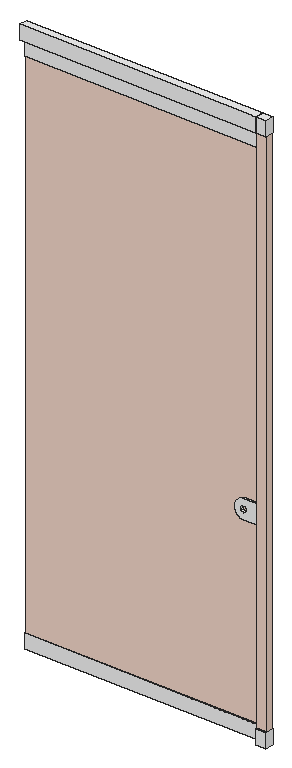
Revit family "PFX_A3-Toilet-Cubicle-Ed-Adjacent-Wall", category Generic Models, Revit 2016
Family settings
  Part Type = Undefined
  Can host rebar = No
  Round Connector Dimension = Use Diameter
  Work Plane-Based = No
  Always vertical = Yes
  Cut with Voids When Loaded = No
  Shared = No
  Room Calculation Point = No
Parameters (values of type "ED Adjacent Wall")
  Vis - Placement Lines = yes
  Vis - Door RHS = no
  Vis - Door LHS = yes
  Vis - Cubicle Legs = yes
  Top Frame Depth = 45 mm
  Plumbing Duct Depth = 300 mm
  Material Cubicle Panels = Toilet Cubicle Panelling
  Material Cubicle Frame = Toilet Cubicle Frame
  Material Cubicle Feet = Toilet Cubicle Feet
  Keynote = "K32"
  Handle Mounting Height = 800 mm
  End Panel Width [instance] = 32.5 mm
  Door Width = Cubicle Width - 65 mm  # 755 mm
  Door Head Clearance = 10 mm
  Cubicle Width = Cubicle Clear Width + Cubicle Panel Thickness  # 820 mm
  Cubicle Panel Thickness = 20 mm
  Cubicle Height = 1800 mm
  Cubicle Depth = 1500 mm
  Cubicle Clear Width = 800 mm
  Bttm Frame Depth = 45 mm
  Base Offset = 150 mm
Reference planes
  plane 1 "Center (Front/Back)": y = 0
  plane 2: z = 0
  plane 3 "Center (Left/Right)": x = -12.069
  plane 4: x = -422.069
  plane 5: x = 397.931
  plane 6: y = -1800
  plane 7: y = -300
  plane 8: z = 150
  plane 9: z = 1950
  plane 10: x = -389.569
  plane 11: x = 365.431
  plane 12: z = 1905
  plane 13: z = 1895
  plane 14: z = 195
  plane 15: x = -454.569
  plane 16: x = 430.431
  plane 17: z = 800
Forms (mm)
  Extrusion 1, solid, material "Toilet Cubicle Frame" <- "Material Cubicle Frame"
    sketch origin (142.5, 0, 1950) x (0, -1, 0) y (-1, 0, 0)
      loop
        line (1813, 532.069) -> (1787.295, 532.069) -> (1787.295, -222.931) -> (1813, -222.931) -> (1813, 532.069)
    from 0 to 45
  Extrusion 2, solid, material "Toilet Cubicle Frame" <- "Material Cubicle Frame"
    sketch origin (397.931, 0, 0) x (0, -1, 0) y (0, 0, 1)
      loop
        line (1813, 1905) -> (1813, 1950) -> (1787.295, 1950) -> (1787.295, 1905) -> (1813, 1905)
      loop
        line (1813, 150) -> (1813, 195) -> (1787.295, 195) -> (1787.295, 150) -> (1813, 150)
    from 32.5 to 0
  Extrusion 3, solid, material "Toilet Cubicle Panelling" <- "Material Cubicle Panels"
    sketch origin (397.931, 0, 0) x (0, -1, 0) y (0, 0, 1)
      loop
        line (1810, 195) -> (1810, 1905) -> (1790, 1905) -> (1790, 195) -> (1810, 195)
    from 32.5 to 0
Lines and regions (mm)
  reference lines
    curve 1: line (397.931, -1564.472, 0) -> (397.931, -1984.472, 0)
  symbolic lines, style "Toilet Cubicles", visible <- "Vis - Placement Lines"
    curve 2: line (397.931, -1800, 0) -> (397.931, -300, 0)
    curve 3: line (-422.069, -300, 0) -> (397.931, -300, 0)
Dimensions and locks
  equal spacing: plane 4, plane 3 "Center (Left/Right)", plane 5
  "Cubicle Width": plane 4 to plane 5
  "Plumbing Duct Depth": plane 7 to plane 1 "Center (Front/Back)"
  "Cubicle Depth": plane 6 to plane 7
  "Base Offset": plane 8 to level
  "Cubicle Height": plane 9 to plane 8
  equal spacing: plane 10, plane 3 "Center (Left/Right)", plane 11
  "Door Width": plane 10 to plane 11
  "Top Frame Depth": plane 9 to plane 12
  "Door Head Clearance": plane 12 to plane 13
  "Bttm Frame Depth": plane 14 to plane 8
  equal spacing: plane 15, plane 4, plane 10
  equal spacing: plane 11, plane 5, plane 16
  "Handle Mounting Height": plane 17 to level
  "End Panel Width": plane 11 to curve 1
  aligned and locked: Extrusion 1 to plane 9
  aligned and locked: plane 12 to Extrusion 1
  aligned and locked: Extrusion 1 sketch curve to plane 11
  aligned and locked: nested 1 to plane 13
  aligned and locked: plane 10 to Extrusion 1
  aligned and locked: plane 6 to nested 1
  aligned and locked: nested 1 to plane 3 "Center (Left/Right)"
  aligned and locked: plane 11 to Extrusion 3
  aligned and locked: plane 11 to Extrusion 2
  aligned and locked: Extrusion 3 to curve 1
  aligned and locked: Extrusion 2 to Extrusion 3
  aligned and locked: curve 2 to nested 1
  aligned and locked: plane 7 to curve 3
Automatic sketch dimensions
  Extrusion 1 sketch curve to plane 6 = 12.705 mm
  plane 6 to Extrusion 1 sketch curve = 13 mm
  Extrusion 1 sketch curve to Extrusion 1 sketch curve = 755 mm
  Extrusion 2 sketch curve to plane 14 = 0 mm
  Extrusion 2 sketch curve to plane 12 = 0 mm
  Extrusion 2 sketch curve to plane 8 = 0 mm
  Extrusion 2 sketch curve to plane 9 = 0 mm
  Extrusion 2 sketch curve to plane 6 = 12.705 mm  (x2)
  plane 6 to Extrusion 2 sketch curve = 13 mm  (x2)
  Extrusion 3 sketch curve to plane 14 = 0 mm
  Extrusion 3 sketch curve to plane 12 = 0 mm
  Extrusion 3 sketch curve to plane 6 = 10 mm
  plane 6 to Extrusion 3 sketch curve = 10 mm
  curve 3 to plane 4 = 0 mm
  curve 2 to plane 6 = 0 mm
  plane 6 to curve 1 = 184.472 mm
  curve 1 to plane 6 = 235.528 mm
Nested families
  nested 1: "UK_Toilet Door" at (-10, 0, 0), Cubicle Width <- "Cubicle Width", type "End/Corner Cubicle"
    with Door Width 755 mm, Cubicle Width 820 mm
Definition of nested family "UK_Toilet Door"
  Parameters
    Vis - Door RHS = no
    Vis - Door LHS = yes
    Top Frame Depth = 45 mm
    Material Cubicle Panels = none
    Material Cubicle Frame = none
    Material Cubicle Feet = none
    Handle Mounting Height = 800 mm
    Door Width [instance] = Cubicle Width - 65 mm  # 735 mm
    Door Head Clearance = 10 mm
    Cubicle Width [instance] = 800 mm
    Cubicle Panel Thickness = 20 mm
    Cubicle Height = 1800 mm
    Cubicle Depth = 1500 mm
    Bttm Frame Depth = 45 mm
    Base Offset = 150 mm
  Reference planes
    plane 1: z = 0
    plane 2 "Center (Left/Right)": x = -2.069
    plane 3: x = -402.069
    plane 4: x = 397.931
    plane 5 "Front of Cubicle": y = -1800
    plane 6: z = 150
    plane 7: z = 1950
    plane 8: x = -369.569
    plane 9: x = 365.431
    plane 10: z = 1905
    plane 11: z = 1895
    plane 12: z = 195
    plane 13: x = -434.569
    plane 14: x = 430.431
    plane 15: z = 800
    plane 16: y = -1780
  Forms (mm)
    Extrusion 1, solid, material <- "Material Cubicle Frame"
      sketch origin (-2.069, 0, 0) x (0, 1, 0) y (0, 0, 1)
        loop
          line (-1793, 1850) -> (-1767, 1850) -> (-1767, 1895) -> (-1793, 1895) -> (-1793, 1850)
        loop
          line (-1793, 195) -> (-1793, 150) -> (-1767, 150) -> (-1767, 195) -> (-1793, 195)
      from 367.5 to -367.5
    Extrusion 2, solid, material <- "Material Cubicle Panels"
      sketch origin (0, 0, 0) x (1, 0, 0) y (0, 1, 0)
        loop
          line (-369.569, -1790) -> (365.431, -1790) -> (365.431, -1770) -> (-369.569, -1770) -> (-369.569, -1790)
      from 195 to 1850
  Lines and regions (mm)
    symbolic lines, visible <- "Vis - Door LHS"
      curve 1: line (-369.569, -1767, 0) -> (-369.569, -1032, 0)
      curve 2: arc (365.431, -1767, 0) -> (150.155, -1247.277, 0) -> (-369.569, -1032, 0) r 735
    symbolic lines, visible <- "Vis - Door RHS"
      curve 3: line (365.431, -1767, 0) -> (365.431, -1032, 0)
      curve 4: arc (-369.569, -1767, 0) -> (-154.292, -1247.277, 0) -> (365.431, -1032, 0) r 735
  Dimensions and locks
    equal spacing: plane 3, plane 2 "Center (Left/Right)", plane 4
    "Cubicle Width": plane 3 to plane 4
    "Base Offset": plane 6 to level
    "Cubicle Height": plane 7 to plane 6
    equal spacing: plane 8, plane 2 "Center (Left/Right)", plane 9
    "Door Width": plane 8 to plane 9
    "Top Frame Depth": plane 7 to plane 10
    "Door Head Clearance": plane 10 to plane 11
    "Bttm Frame Depth": plane 12 to plane 6
    equal spacing: plane 13, plane 3, plane 8
    equal spacing: plane 9, plane 4, plane 14
    "Handle Mounting Height": plane 15 to level
    "Cubicle Panel Thickness": plane 5 "Front of Cubicle" to plane 16
    equal spacing: Extrusion 2, plane 16, Extrusion 2
    "Cubicle Panel Thickness": Extrusion 2 to Extrusion 2
    locked: Extrusion 1 sketch curve to Extrusion 2 at 3  (x2)
    locked: Extrusion 2 to Extrusion 1 sketch curve at 3  (x2)
    aligned and locked: curve 2 to plane 8
    aligned and locked: plane 15 to nested 2
    aligned and locked: nested 1 to plane 9
    aligned and locked: nested 2 to plane 8
    aligned and locked: plane 16 to nested 1
    aligned and locked: nested 2 to plane 16
    aligned and locked: Extrusion 1 sketch curve to plane 11
    aligned and locked: Extrusion 1 to plane 9
    aligned and locked: plane 8 to Extrusion 1
    aligned and locked: Extrusion 2 to Extrusion 1
    aligned and locked: plane 12 to Extrusion 2
    aligned and locked: plane 8 to Extrusion 2
    aligned and locked: Extrusion 2 to plane 9
    aligned and locked: curve 1 to plane 8
    aligned and locked: curve 3 to plane 9
  Automatic sketch dimensions
    curve 1 to plane 5 "Front of Cubicle" = 33 mm
    curve 2 to curve 1 = 0 mm
    Extrusion 1 sketch curve to plane 6 = 0 mm
    Extrusion 1 sketch curve to plane 12 = 0 mm
    plane 11 to Extrusion 1 sketch curve = 45 mm
    Extrusion 2 sketch curve to plane 16 = 10 mm
    Extrusion 2 sketch curve to plane 8 = 0 mm
    plane 9 to Extrusion 2 sketch curve = 0 mm
    Extrusion 2 sketch curve to plane 5 "Front of Cubicle" = 10 mm
  Nested families
    nested 1: "Toilet Cubicle Handle" at (365.431, -1779.907, 0), visible <- "Vis - Door LHS", type "Toilet Cubicle Handle"
    nested 2: "Toilet Cubicle Handle" at (-369.569, -1779.907, -0.091) x (-1, 0, 0) z (0, 0, 1), visible <- "Vis - Door RHS", type "Toilet Cubicle Handle"
  Definition of nested family "Toilet Cubicle Handle"
    Parameters
      Panel Thickness = 20 mm
      Material  Handle = none
      Handle Z = 800 mm
      Handle X = 50 mm
    Reference planes
      plane 1 "Center (Front/Back)": y = -0.093
      plane 2: z = 0
      plane 3 "Center (Left/Right)": x = 0
      plane 4: z = 800
      plane 5: x = -50
      plane 6: y = -10.093
      plane 7: y = 9.907
    Forms (mm)
      Extrusion 1, solid, material <- "Material  Handle"
        sketch origin (0, -0.093, 0) x (1, 0, 0) y (0, 0, 1)
          loop
            line (0, 770) -> (0, 830.183) -> (-49.948, 830.183)
            arc (-49.948, 830.183) -> (-80.039, 800.091) -> (-49.948, 770) r 30.091
            line (-49.948, 770) -> (0, 770)
          loop
            circle (-49.948, 800.091) r 10
        from -18 to 18
    Dimensions and locks
      "Handle X": plane 5 to plane 3 "Center (Left/Right)"
      "Handle Z": plane 4 to level
      equal spacing: plane 7, plane 1 "Center (Front/Back)", plane 6
      "Panel Thickness": plane 6 to plane 7
      locked: Extrusion 1 to plane 7 at 8
      locked: Extrusion 1 to plane 6 at 8
    Automatic sketch dimensions
      Extrusion 1 sketch curve to Extrusion 1 sketch curve = 0 mm  (x2)
      Extrusion 1 sketch curve to plane 3 "Center (Left/Right)" = 0 mm
      Extrusion 1 sketch curve to plane 5 = 0.052 mm
      plane 4 to Extrusion 1 sketch curve = 30 mm
      Extrusion 1 sketch curve to plane 4 = 0.091 mm
      radius of Extrusion 1 sketch curve = 10 mm
